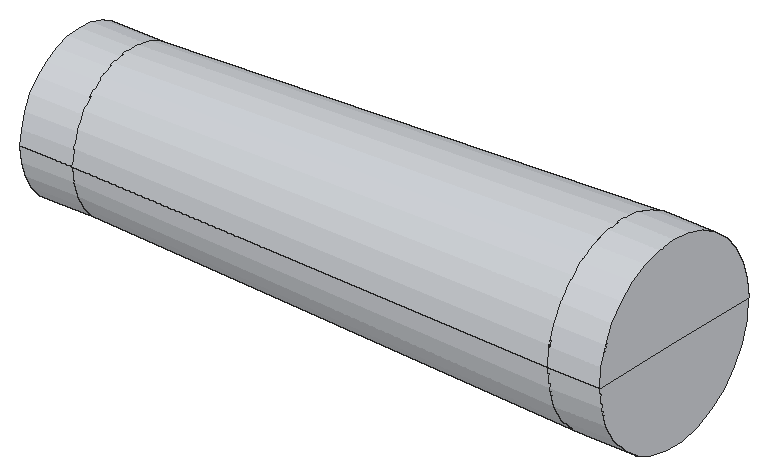
Revit family "7da8f819230140fda69d48cc7df0529f", category Pipe Fittings, Revit 2021
Family settings
  Round Connector Dimension = Use Radius
  Part Type = Transition
  OmniClass Number = 23.60.30.11.14
  OmniClass Title = Pipework Fittings
  Work Plane-Based = No
  Always vertical = Yes
  Cut with Voids When Loaded = No
  Shared = No
Parameters (values of type "Standard")
  Visibility 2 [instance] = Nominal Diameter 2 > Nominal Diameter 1  # yes
  Visibility 1 [instance] = Nominal Diameter 1 > Nominal Diameter 2  # no
  URL = ""
  Type Comments = ""
  Tick Size 2 [instance] = if(Nominal Diameter 1 > Nominal Diameter 2, Min Tick Size 12, Max Tick Size 12)  # 1.9200"
  Tick Size 1 [instance] = if(Nominal Diameter 1 > Nominal Diameter 2, Max Tick Size 12, Min Tick Size 12)  # 1.5280"
  Min Tick Size 12 [instance] = Min Fitting Outside Diameter 12 * 0.4  # 1.5280"
  Max Tick Size 12 [instance] = Max Fitting Outside Diameter 12 * 0.4  # 1.9200"
  Nominal Radius 2 [instance] = 2.0000"
  Nominal Radius 1 [instance] = 1.5000"
  Nominal Diameter 2 [instance] = Nominal Radius 2 * 2  # 4.0000"
  Nominal Diameter 1 [instance] = Nominal Radius 1 * 2  # 3.0000"
  Min Nominal Diameter 12 [instance] = if(Nominal Diameter 1 > Nominal Diameter 2, Nominal Diameter 2, Nominal Diameter 1)  # 3.0000"
  Max Nominal Diameter 12 [instance] = if(Nominal Diameter 1 > Nominal Diameter 2, Nominal Diameter 1, Nominal Diameter 2)  # 4.0000"
  Manufacturer = ""
  Loss Method = K Coefficient from Table
  Lookup Table Name = "Reducer - PE - GI - Class 250"
  Length [instance] = if(Nominal Diameter 1 = Nominal Diameter 2, 12.0000", size_lookup(Lookup Table Name, "Lgt", 2 * Max Nominal Diameter 12, Max Nominal Diameter 12, Min Nominal Diameter 12))  # 15.3700"
  K Coefficient Table = "Reducer/Coupling/Union/Increaser"
  Fitting Outside Radius 2 [instance] = Fitting Outside Diameter 2 / 2  # 2.4000"
  Fitting Outside Radius 1 [instance] = Fitting Outside Diameter 1 / 2  # 1.9100"
  Min Fitting Outside Diameter 12 [instance] = size_lookup(Lookup Table Name, "FOD", 1.04 * Min Nominal Diameter 12 + 0.7000", Min Nominal Diameter 12)  # 3.8200"
  Max Fitting Outside Diameter 12 [instance] = size_lookup(Lookup Table Name, "FOD", 1.04 * Max Nominal Diameter 12 + 0.7000", Max Nominal Diameter 12)  # 4.8000"
  built-in parameter 1114238 [instance] = (empty or 0)
  Fitting Outside Diameter 2 [instance] = if(Nominal Diameter 1 > Nominal Diameter 2, Min Fitting Outside Diameter 12, Max Fitting Outside Diameter 12)  # 4.8000"
  Fitting Outside Diameter 1 [instance] = if(Nominal Diameter 1 > Nominal Diameter 2, Max Fitting Outside Diameter 12, Min Fitting Outside Diameter 12)  # 3.8200"
  Description = ""
  Default Elevation = 0.0000"
  Assembly Code = ""
Reference planes (in)
  plane 1 "Center (Front/Back)": y = 0
  plane 2: z = 0
  plane 3 "Center (Left/Right)": x = 0
  plane 4 "Right": x = 15.37
  plane 5 "TK1 Top": y = 1.528
  plane 6 "TK1 Bottom": y = -1.528
  plane 7 "TK2 Top": y = 1.92
  plane 8 "TK2 Bottom": y = -1.92
  plane 9: y = 1.91
  plane 10: y = 2.4
  plane 11: x = 3.8425
  plane 12: x = 11.5275
  plane 13: x = 7.685
  plane 14: x = 1.3425
  plane 15: x = 14.0275
Forms (in)
  Extrusion 1, solid, not visible
    sketch origin (0, 0, 0) x (0, 1, 0) y (0, 0, 1)
      loop
        circle (0, 0) r 1
    from 0 to 15.37
  Revolve 2, solid, detail levels fine
    sketch origin (0, 0, 0) x (1, 0, 0) y (0, 1, 0)
      loop
        line (0, 0) -> (15.37, 0) -> (15.37, 2.4) -> (14.0275, 2.4) -> (1.3425, 1.91) -> (0, 1.91) -> (0, 0)
      axis (0, 0) -> (15.37, 0)
    angle from 0 to 360
Lines and regions (in)
  model lines, detail levels coarse+medium
    curve 1: line (0, 0, 0) -> (0, 1.528, 0)
    curve 2: line (0, -1.528, 0) -> (0, 0, 0)
    curve 3: line (15.37, 0, 0) -> (15.37, 1.92, 0)
    curve 4: line (15.37, 0, 0) -> (15.37, -1.92, 0)
  model lines, style "PipeFitting", visible <- "Visibility 1", detail levels coarse+medium
    curve 5: line (0, 1.528, 0) -> (15.37, 0, 0)
    curve 6: line (0, -1.528, 0) -> (15.37, 0, 0)
  model lines, style "PipeFitting", visible <- "Visibility 2", detail levels coarse+medium
    curve 7: line (15.37, 1.92, 0) -> (0, 0, 0)
    curve 8: line (0, 0, 0) -> (15.37, -1.92, 0)
Dimensions and locks (in)
  "Tick Size 1": plane 5 "TK1 Top" to plane 1 "Center (Front/Back)"
  "Tick Size 1": plane 6 "TK1 Bottom" to plane 1 "Center (Front/Back)"
  "Tick Size 2": plane 7 "TK2 Top" to plane 1 "Center (Front/Back)"
  "Tick Size 2": plane 8 "TK2 Bottom" to plane 1 "Center (Front/Back)"
  "Fitting Outside Radius 1": plane 9 to plane 1 "Center (Front/Back)"
  "Length": plane 3 "Center (Left/Right)" to plane 4 "Right"
  "Fitting Outside Radius 2": plane 10 to plane 1 "Center (Front/Back)"
  equal spacing: plane 3 "Center (Left/Right)", plane 11, plane 13, plane 12, plane 4 "Right"
  locked: plane 12 to plane 15 at 2.5
  locked: plane 14 to plane 11 at 2.5
  radius of Extrusion 1 sketch curve = 1.0000"
  aligned and locked: plane 2 to level
  aligned and locked: plane 2 to Extrusion 1 sketch curve
  aligned and locked: plane 1 "Center (Front/Back)" to Extrusion 1 sketch curve
  aligned and locked: Extrusion 1 to plane 3 "Center (Left/Right)"
  aligned and locked: plane 4 "Right" to Extrusion 1
  aligned and locked: plane 1 "Center (Front/Back)" to curve 2
  aligned and locked: plane 3 "Center (Left/Right)" to curve 1
  aligned and locked: plane 3 "Center (Left/Right)" to curve 2
  aligned and locked: plane 5 "TK1 Top" to curve 1
  aligned and locked: plane 6 "TK1 Bottom" to curve 2
  aligned and locked: curve 3 to plane 7 "TK2 Top"
  aligned and locked: curve 4 to plane 4 "Right"
  aligned and locked: plane 1 "Center (Front/Back)" to Revolve 2 sketch curve
  aligned and locked: plane 3 "Center (Left/Right)" to Revolve 2 sketch curve
  aligned and locked: plane 4 "Right" to Revolve 2 sketch curve
  aligned and locked: Revolve 2 sketch curve to Revolve 2 sketch curve
  aligned and locked: Revolve 2 sketch curve to plane 10
  aligned and locked: Revolve 2 sketch curve to plane 9
  aligned and locked: plane 15 to Revolve 2 sketch curve
Automatic sketch dimensions
  plane 8 "TK2 Bottom" to curve 8 = 0.0000"
  plane 1 "Center (Front/Back)" to curve 4 = 0.0000"
  Revolve 2 sketch curve to plane 14 = 0.0000"
  Revolve 2 sketch curve to plane 3 "Center (Left/Right)" = 9.7500"
  Revolve 2 sketch curve to Revolve 2 sketch curve = 7.2500"
Connectors (in)
  piping at (0, 0, 0), diameter 3, driven by "Nominal Radius 1"
    settings: on Extrusion 1, index 1, connector inside diameter 4.0000", connector length 0.0000", flow factor 0, pipe flow 0 GPM, pressure drop 0.00 psi, fitting loss kfactor 0, connector angle 0.00°, fixture units 0, engagement length 0.0000", angle of deflection 0.00°, flow configuration 0, flow direction 0, fitting loss method 0, system type 28, joint type 0, gender type 0, connector reference index 2, connector utility 0, adjustable connector no, is connector primary yes, connector description ""
  piping at (15.37, 0, 0), diameter 4, driven by "Nominal Radius 2"
    settings: on Extrusion 1, index 2, connector inside diameter 3.0000", connector length 0.0000", flow factor 0, pipe flow 0 GPM, pressure drop 0.00 psi, fitting loss kfactor 0, connector angle 0.00°, fixture units 0, engagement length 0.0000", angle of deflection 0.00°, flow configuration 0, flow direction 0, fitting loss method 0, system type 28, joint type 0, gender type 0, connector reference index 1, connector utility 0, adjustable connector no, is connector primary no, connector description ""
